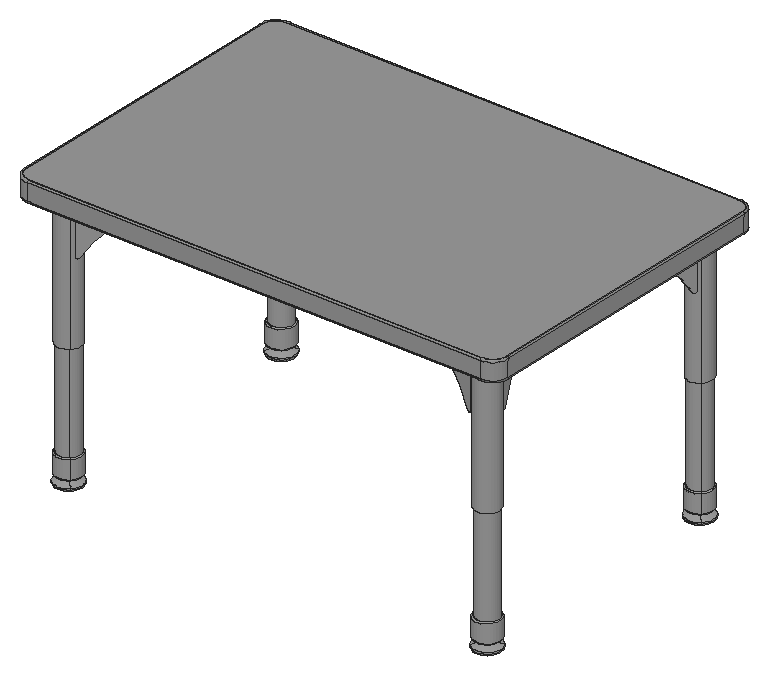
Revit family "Hierarchy Snap Rectangle Desk - Youth Height", category Furniture, Revit 2018
Family settings
  Work Plane-Based = No
  Always vertical = Yes
  Cut with Voids When Loaded = No
  Shared = No
  Room Calculation Point = No
Parameters
  Desk Height = 1' - 4"
  Surface = Hierarchy Snap Rectangle Desk Youth Surface
  Leg Finish = Hierarchy Leg Platinum
  Edgeband = Hierarchy Snap Rectangle Desk Youth Edgeband
  Caster/Glide = Hierarchy Youth Leg - Glide : Hierarchy Youth Leg - Glide
Reference planes (in)
  plane 1 "Center (Front/Back)": y = 0
  plane 2: z = 0
  plane 3 "Center (Left/Right)": x = 0
  plane 4 "Table Height": z = 16
Dimensions and locks (in)
  "Desk Height": plane 4 "Table Height" to level
  aligned and locked: plane 2 to level
  aligned and locked: nested 1 to plane 4 "Table Height"
Nested families (in)
  nested 1: "Snap Rectangle Tabletop" at (0, 0, -11.14175), type "Snap Rectangle Tabletop"
  nested 2: "Hierarchy Youth Leg - Glide" at (-13, 8.25, 0) x (0.7071, 0.7071, 0) z (0, 0, 1), type <- "Caster/Glide", Leg Finish <- "Leg Finish", Leg Height <- "Desk Height", type "Hierarchy Youth Leg - Glide"
    with Leg Height 1' - 4", Leg Finish Hierarchy Leg Platinum
  nested 3: "Hierarchy Youth Leg - Glide" at (13, 8.25, 0) x (-0.7071, 0.7071, 0) z (0, 0, 1), Leg Finish <- "Leg Finish", Leg Height <- "Desk Height", type "Hierarchy Youth Leg - Glide"
    with Leg Height 1' - 4", Leg Finish Hierarchy Leg Platinum
  nested 4: "Hierarchy Youth Leg - Glide" at (-13, -8.25, 0) x (0.7071, -0.7071, 0) z (0, 0, 1), type <- "Caster/Glide", Leg Finish <- "Leg Finish", Leg Height <- "Desk Height", type "Hierarchy Youth Leg - Glide"
    with Leg Height 1' - 4", Leg Finish Hierarchy Leg Platinum
  nested 5: "Hierarchy Youth Leg - Glide" at (13, -8.25, 0) x (-0.7071, -0.7071, 0) z (0, 0, 1), Leg Finish <- "Leg Finish", Leg Height <- "Desk Height", type "Hierarchy Youth Leg - Glide"
    with Leg Height 1' - 4", Leg Finish Hierarchy Leg Platinum
Definition of nested family "Snap Rectangle Tabletop"
  Parameters (values of type "Snap Rectangle Tabletop")
    Surface = none
    Edgeband = none
  Reference planes (in)
    plane 1 "Center (Front/Back)": y = 0
    plane 2: z = 0
    plane 3 "Center (Left/Right)": x = 0
  Forms (in)
    Extrusion 1, solid, material <- "Surface"
      sketch origin (0, 1.04902, 0) x (1, 0, 0) y (0, 1, 0)
        loop
          line (14.05799, 8.95098) -> (-14.05799, 8.95098)
          arc (-14.05799, 8.95098) -> (-14.65906, 8.70201) -> (-14.90803, 8.10093) r 0.85005
          line (-14.90803, 8.10093) -> (-14.90803, -10.19898)
          arc (-14.90803, -10.19898) -> (-14.65906, -10.80005) -> (-14.05799, -11.04902) r 0.85005
          line (-14.05799, -11.04902) -> (14.05799, -11.04902)
          arc (14.05799, -11.04902) -> (14.65906, -10.80005) -> (14.90803, -10.19898) r 0.85005
          line (14.90803, -10.19898) -> (14.90803, 8.10093)
          arc (14.90803, 8.10093) -> (14.65906, 8.70201) -> (14.05799, 8.95098) r 0.85005
      from 27.14175 to 28.39175
    Sweep 2, solid, material <- "Edgeband"
      path in 3D
        loop
          arc (-14.05799, 10, 28.39175) -> (-14.65906, 9.75103, 28.39175) -> (-14.90803, 9.14995, 28.39175) r 0.85005
          line (-14.90803, 9.14995, 28.39175) -> (-14.90803, -9.14995, 28.39175)
          arc (-14.90803, -9.14995, 28.39175) -> (-14.65906, -9.75103, 28.39175) -> (-14.05799, -10, 28.39175) r 0.85005
          line (-14.05799, -10, 28.39175) -> (14.05799, -10, 28.39175)
          arc (14.05799, -10, 28.39175) -> (14.65906, -9.75103, 28.39175) -> (14.90803, -9.14995, 28.39175) r 0.85005
          line (14.90803, -9.14995, 28.39175) -> (14.90803, 9.14995, 28.39175)
          arc (14.90803, 9.14995, 28.39175) -> (14.65906, 9.75103, 28.39175) -> (14.05799, 10, 28.39175) r 0.85005
          line (14.05799, 10, 28.39175) -> (-14.05799, 10, 28.39175)
      profile origin (0, 10, 28.39175) x (0, -1, 0) y (0, 0, 1)
        loop
          arc (0, 0) -> (-0.07921, -0.03281) -> (-0.11202, -0.11202) r 0.11202
          line (-0.11202, -0.11202) -> (-0.11202, -1.13798)
          arc (-0.11202, -1.13798) -> (-0.07921, -1.21719) -> (0, -1.25) r 0.11202
          line (0, -1.25) -> (0, 0)
  Lines and regions (in)
    sketch lines
      curve 1: line (14.05799, 10, 28.39175) -> (-14.05799, 10, 28.39175)
      curve 2: arc (-14.90803, 9.14995, 28.39175) -> (-14.65906, 9.75103, 28.39175) -> (-14.05799, 10, 28.39175) r 0.85005
      curve 3: line (-14.90803, 9.14995, 28.39175) -> (-14.90803, -9.14995, 28.39175)
      curve 4: arc (-14.05799, -10, 28.39175) -> (-14.65906, -9.75103, 28.39175) -> (-14.90803, -9.14995, 28.39175) r 0.85005
      curve 5: line (-14.05799, -10, 28.39175) -> (14.05799, -10, 28.39175)
      curve 6: arc (14.90803, -9.14995, 28.39175) -> (14.65906, -9.75103, 28.39175) -> (14.05799, -10, 28.39175) r 0.85005
      curve 7: line (14.90803, -9.14995, 28.39175) -> (14.90803, 9.14995, 28.39175)
      curve 8: arc (14.05799, 10, 28.39175) -> (14.65906, 9.75103, 28.39175) -> (14.90803, 9.14995, 28.39175) r 0.85005
  Dimensions and locks (in)
    aligned and locked: plane 2 to level
Definition of nested family "Hierarchy Youth Leg - Glide"
  Parameters (values of type "Hierarchy Youth Leg - Glide")
    Leg Finish [instance] = none
    Leg Height [instance] = 1' - 4.80117"
  Reference planes (in)
    plane 1 "Center (Front/Back)": y = 0
    plane 2: z = 0
    plane 3 "Center (Left/Right)": x = 0
  Forms (in)
    Extrusion 1, solid
      sketch origin (-0.01562, 0, 0) x (1, 0, 0) y (0, 1, 0)
        loop
          circle (0.01563, 0) r 0.67016
      from 0.67618 to 10.55018
    Revolve 2, solid
      sketch origin (0, 0, 0) x (1, 0, 0) y (0, 0, 1)
        loop
          line (-0.73189, 1.80118) -> (-0.79439, 1.73867) -> (-0.79439, 0.61381) -> (-0.73176, 0.55118) -> (-0.125, 0.55118) -> (-0.125, 0.42618) -> (-0.84656, 0.16241) -> (-0.84656, 0.08994) -> (-0.81359, 0) -> (0, 0) -> (0, 1.80118) -> (-0.73189, 1.80118)
        axis (0, 1.80118) -> (0, 0)
      angle from 0 to 360
  Dimensions and locks (in)
    "Leg Height": nested 1 to level  (x2)
    aligned and locked: plane 2 to level
  Automatic sketch dimensions
    plane 1 "Center (Front/Back)" to Extrusion 1 sketch curve = 0' - 0"
    Extrusion 1 sketch curve to plane 3 "Center (Left/Right)" = 0' - 0"
    Revolve 2 sketch curve to level = 0' - 0"
    Revolve 2 sketch curve to plane 3 "Center (Left/Right)" = 0' - 0"  (x2)
    Revolve 2 sketch curve to plane 3 "Center (Left/Right)" = 0' - 0 1/8"
    Revolve 2 sketch curve to Revolve 2 sketch curve = 0' - 0.60676"
    Revolve 2 sketch curve to Revolve 2 sketch curve = 0' - 0.73189"
    Revolve 2 sketch curve to Revolve 2 sketch curve = 0' - 0.06263"  (x2)
    Revolve 2 sketch curve to Revolve 2 sketch curve = 0' - 0.08183"
    Revolve 2 sketch curve to Revolve 2 sketch curve = 0' - 0.03297"
    level to Revolve 2 sketch curve = 0' - 0.08994"
    Revolve 2 sketch curve to Revolve 2 sketch curve = 0' - 0.07247"
    level to Revolve 2 sketch curve = 0' - 0.42618"
    Revolve 2 sketch curve to Revolve 2 sketch curve = 0' - 0 1/8"
    Revolve 2 sketch curve to Revolve 2 sketch curve = 0' - 1.12486"
    Revolve 2 sketch curve to Revolve 2 sketch curve = 0' - 0 1/16"
    Revolve 2 sketch curve to level = 2' - 0"
    Revolve 2 sketch curve to Revolve 2 sketch curve = 8' - 4.91764"
    radius of Extrusion 1 sketch curve = 0' - 0.67016"
  Nested families (in)
    nested 1: "Hierarchy Youth Upper Leg 2023" at (0, 0, 0), Leg Finish <- "Leg Finish", type "Hierarchy Youth Upper Leg 2023"
      with Leg Finish none
  Definition of nested family "Hierarchy Youth Upper Leg 2023"
    Parameters (values of type "Hierarchy Youth Upper Leg 2023")
      Leg Finish [instance] = none
    Reference planes (in)
      plane 1 "Center (Front/Back)": y = 0
      plane 2: z = 0
      plane 3 "Center (Left/Right)": x = 0
    Forms (in)
      Extrusion 1, solid, material <- "Leg Finish"
        sketch origin (0, 0, -11.001) x (1, 0, 0) y (0, 1, 0)
          loop
            circle (0, 0) r 0.75
        from 19.67618 to 27.67618
      Extrusion 2, solid, material <- "Leg Finish"
        sketch origin (0, 0, -11.001) x (1, 0, 0) y (0, 1, 0)
          loop
            line (-1.70174, 0.19183) -> (-2.88626, -2.26116)
            arc (-2.88626, -2.26116) -> (-2.83993, -3.09822) -> (-2.1063, -3.50394) r 0.86614
            line (-2.1063, -3.50394) -> (2.1063, -3.50394)
            arc (2.1063, -3.50394) -> (2.83993, -3.09822) -> (2.88626, -2.26116) r 0.86614
            line (2.88626, -2.26116) -> (1.70174, 0.19183)
            arc (1.70174, 0.19183) -> (0, 1.25984) -> (-1.70174, 0.19183) r 1.88976
        from 27.67618 to 27.80217
      Extrusion 3, solid, material <- "Leg Finish"
        sketch origin (-1.48519, 8.66524, -11.001) x (-0.434844, 0.900506, 0) y (0, 0, 1)
          loop
            line (-9.01425, 27.67618) -> (-11.80952, 27.67618)
            arc (-11.80952, 27.67618) -> (-11.92325, 27.58993) -> (-11.87088, 27.45715) r 0.11811
            arc (-11.87088, 27.45715) -> (-10.39364, 26.29679) -> (-9.23328, 24.81955) r 7.87402
            arc (-9.23328, 24.81955) -> (-9.1005, 24.76717) -> (-9.01425, 24.88091) r 0.11811
            line (-9.01425, 24.88091) -> (-9.01425, 27.67618)
        from -1.94075 to -1.81476
      Extrusion 4, solid, material <- "Leg Finish"
        sketch origin (1.48519, 8.66524, -11.001) x (0.434844, 0.900506, 0) y (0, 0, -1)
          loop
            line (-9.01425, -27.67618) -> (-9.01425, -24.88091)
            arc (-9.01425, -24.88091) -> (-9.1005, -24.76717) -> (-9.23328, -24.81955) r 0.11811
            arc (-9.23328, -24.81955) -> (-10.39364, -26.29679) -> (-11.87088, -27.45715) r 7.87402
            arc (-11.87088, -27.45715) -> (-11.92325, -27.58993) -> (-11.80952, -27.67618) r 0.11811
            line (-11.80952, -27.67618) -> (-9.01425, -27.67618)
        from -1.94075 to -1.81476
    Dimensions and locks (in)
      aligned and locked: plane 2 to level
